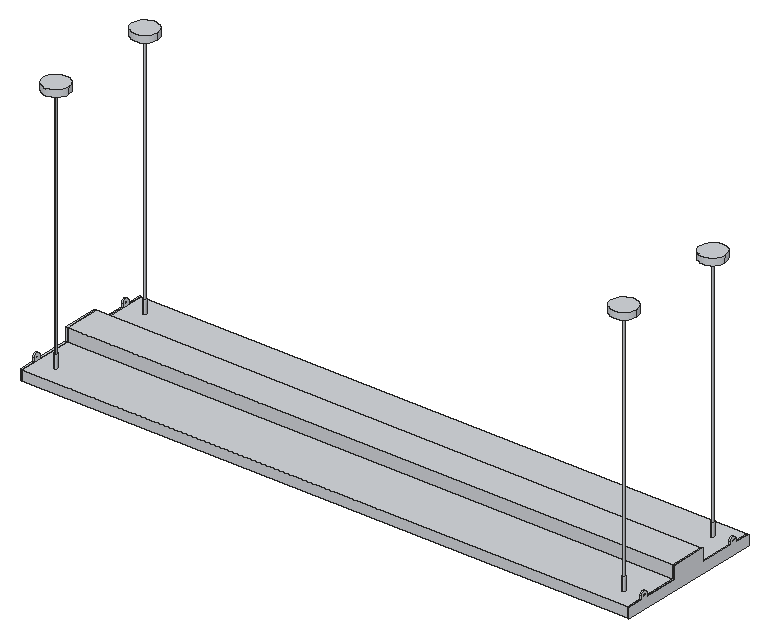
Revit family "Alcon-15223-Revit-Family", category Lighting Fixtures, host Ceiling, Revit 2023
Family settings
  Host = Ceiling
  Round Connector Dimension = Use Diameter
  Part Type = Normal
  OmniClass Number = 23.80.70.11
  OmniClass Title = Luminaries for Internal Lighting
  Always vertical = Yes
  Cut with Voids When Loaded = No
  Light Source = Yes
  Maintain Annotation Orientation = No
  Shared = No
  Room Calculation Point = No
Parameters
  Wattage = 12.1178 W
  built-in parameter 1150110 = 1 (stored number, unit not read)
  built-in parameter 1114217 = 1 (stored number, unit not read)
  built-in parameter 1150109 = 1 (stored number, unit not read)
  built-in parameter 1150134 = (empty or 0)
  built-in parameter 1150113 = 1 (stored number, unit not read)
  Lumens = 1800 lm
  built-in parameter 1150115 = 1 (stored number, unit not read)
  built-in parameter 1150105 = 143.24 (stored number, unit not read)
  Light Source Symbol Size = 2' - 0"
  built-in parameter 1150137 = (empty or 0)
  built-in parameter 1150139 = (empty or 0)
  built-in parameter 1150112 = 1 (stored number, unit not read)
  built-in parameter 1150114 = 1 (stored number, unit not read)
  built-in parameter 1150132 = 2
  built-in parameter 1150102 = (empty or 0)
  built-in parameter 1150138 = (empty or 0)
  built-in parameter 1150107 = 3000 (stored number, unit not read)
  built-in parameter 1150106 = 1.4324 (stored number, unit not read)
  built-in parameter 1150104 = 13.8 (stored number, unit not read)
  Dimming Lamp Color Temperature Shift = (empty or 0)
  Default Elevation = 0' - 0"
  Color Filter = 16777215
  built-in parameter 1114218 = 1 (stored number, unit not read)
  built-in parameter 1150133 = 10 (stored number, unit not read)
Reference planes (in)
  plane 1 "Light Source Axis (F/B)": y = 0
  plane 2 "Ceiling": z = 96
  plane 3 "Light Source Axis (L/R)": x = 0
  plane 4 "Light Source Elevation": z = 71.5
Forms (in)
  Extrusion 1, solid
    sketch origin (17.94626, 1.38983, 96) x (1, 0, 0) y (0, 1, 0)
      loop
        circle (-40.44626, -4.4) r 1
      loop
        circle (-40.44626, 4.4) r 1
      loop
        circle (4.55374, 4.4) r 1
      loop
        circle (4.55374, -4.4) r 1
    from 0 to -0.5
  Extrusion 2, solid
    sketch origin (0, 1.38983, 72.32422) x (0, 1, 0) y (0, 0, 1)
      loop
        line (-5.9, 2.625) -> (5.9, 2.625) -> (5.9, 3.42578) -> (1.4, 3.42578) -> (1.4, 4.42578) -> (-1.4, 4.42578) -> (-1.4, 3.42578) -> (-5.9, 3.42578) -> (-5.9, 2.625)
    from -24 to 24
  Extrusion 3, void
    sketch origin (24, 1.38983, 72.32422) x (0, -1, 0) y (0, 0, 1)
      loop
        line (5.4, 2.625) -> (5.4, 3.30078) -> (-5.4, 3.30078) -> (-5.4, 2.625) -> (5.4, 2.625)
    from 0.5 to 47.5
  Extrusion 4, solid
    sketch origin (0, 1.38983, 72.32422) x (0, 1, 0) y (0, 0, 1)
      loop
        line (5.4, 2.625) -> (5.4, 2.75) -> (-5.4, 2.75) -> (-5.4, 2.625) -> (5.4, 2.625)
    from -23.5 to 23.5
  Extrusion 5, solid
    sketch origin (0, -4.51017, 75.75) x (0, 1, 0) y (-1, 0, 0)
      loop
        circle (1.5, -22.5) r 0.125
      loop
        circle (10.3, -22.5) r 0.125
      loop
        circle (1.5, 22.5) r 0.125
      loop
        circle (10.3, 22.5) r 0.125
    from 0 to 1
  Extrusion 6, solid
    sketch origin (0, -4.51017, 76.75) x (0, 1, 0) y (-1, 0, 0)
      loop
        circle (10.3, -22.5) r 0.0625
      loop
        circle (1.5, -22.5) r 0.0625
      loop
        circle (1.5, 22.5) r 0.0625
      loop
        circle (10.3, 22.5) r 0.0625
    from 0 to 18.75
  Extrusion 7, solid
    sketch origin (0, 7.63983, 74.94922) x (-1, 0, 0) y (0, 1, 0)
      loop
        line (-24, -7.65) -> (24, -7.65) -> (24, -4.85) -> (-24, -4.85) -> (-24, -7.65)
    from 0 to 0.125
  Extrusion 8, solid
    sketch origin (24, 1.38983, 72.32422) x (0, 1, 0) y (0, 0, 1)
      loop
        line (1.4, 4.42578) -> (-1.4, 4.42578) -> (-1.4, 3.42578) -> (-4.15, 3.42578) -> (-4.15, 3.67578)
        arc (-4.15, 3.67578) -> (-4.4, 3.92578) -> (-4.65, 3.67578) r 0.25
        line (-4.65, 3.67578) -> (-4.65, 3.42578) -> (-5.9, 3.42578) -> (-5.9, 2.625) -> (5.9, 2.625) -> (5.9, 3.42578) -> (4.65, 3.42578) -> (4.65, 3.67578)
        arc (4.65, 3.67578) -> (4.4, 3.92578) -> (4.15, 3.67578) r 0.25
        line (4.15, 3.67578) -> (4.15, 3.42578) -> (1.4, 3.42578) -> (1.4, 4.42578)
      loop
        circle (-4.4, 3.67578) r 0.125
      loop
        circle (4.4, 3.67578) r 0.125
    from 0 to 0.125
  Extrusion 9, solid
    sketch origin (-24, 1.38983, 72.32422) x (0, -1, 0) y (0, 0, 1)
      loop
        line (-1.4, 4.42578) -> (-1.4, 3.42578) -> (-4.15, 3.42578) -> (-4.15, 3.67578)
        arc (-4.15, 3.67578) -> (-4.4, 3.92578) -> (-4.65, 3.67578) r 0.25
        line (-4.65, 3.67578) -> (-4.65, 3.42578) -> (-5.9, 3.42578) -> (-5.9, 2.625) -> (5.9, 2.625) -> (5.9, 3.42578) -> (4.65, 3.42578) -> (4.65, 3.67578)
        arc (4.65, 3.67578) -> (4.4, 3.92578) -> (4.15, 3.67578) r 0.25
        line (4.15, 3.67578) -> (4.15, 3.42578) -> (1.4, 3.42578) -> (1.4, 4.42578) -> (-1.4, 4.42578)
      loop
        circle (4.4, 3.67578) r 0.125
      loop
        circle (-4.4, 3.67578) r 0.125
    from 0 to 0.125
Cuts and joins
  Extrusion 3 cuts Extrusion 2
Dimensions and locks (in)
  equal spacing: host sketch curve, plane 3 "Light Source Axis (L/R)", host sketch curve
  equal spacing: host sketch curve, plane 1 "Light Source Axis (F/B)", host sketch curve
  host sketch curve to host sketch curve = 10' - 0"  (x2)
  aligned and locked: plane 3 "Light Source Axis (L/R)" to imposter light
  aligned and locked: plane 4 "Light Source Elevation" to imposter light
